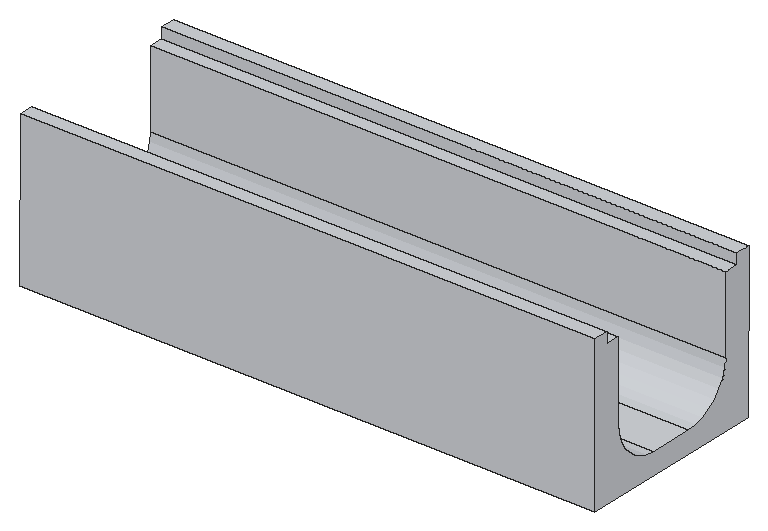
Revit family "Лоток водоотводный_1", category Обобщенные модели, Revit 2019
Family settings
  Может служить основой для арматурных стержней = Нет
  Размер круглого соединителя = Использовать диаметр
  Тип детали = Нормальный
  При загрузке вырезать с полостями = Да
  Общий = Нет
  Точка расчета площади = Нет
Parameters
  Ширина = 400 mm
  built-in parameter 1001306 [instance] = 1200 mm
  Высота = 320 mm
Reference planes
  plane 1 "По центру (Вперед/Назад)": y = 0
  plane 2: z = 0
  plane 3 "Слева": x = 0
  plane 4 "Справа": x = 1200
  plane 5: y = 200
  plane 6: y = -200
  plane 7: z = -320
  plane 8: z = 2.405
Forms (mm)
  Extrusion 1, solid
    sketch origin (0, 0, 0) x (0, 1, 0) y (0, 0, 1)
      loop
        line (-170, 2.405) -> (-200, 2.405) -> (-200, -320) -> (200, -320) -> (200, 2.405) -> (170, 2.405) -> (170, -20) -> (140, -20) -> (140, -180.754)
        arc (140, -180.754) -> (112.396, -247.396) -> (45.754, -275) r 94.246
        line (45.754, -275) -> (-45.754, -275)
        arc (-45.754, -275) -> (-112.396, -247.396) -> (-140, -180.754) r 94.246
        line (-140, -180.754) -> (-140, -20) -> (-170, -20) -> (-170, 2.405)
    from 0 to 1200
  Extrusion 2, void
    sketch origin (0, 0, 0) x (0, 1, 0) y (0, 0, 1)
      loop
        line (200, 2.405) -> (-200, 2.405) -> (-200, -320) -> (200, -320) -> (200, 2.405)
    from 0 to 1200
Lines and regions (mm)
  reference lines
    curve 1: line (0, 0, 0) -> (1200, 0, 0)
Dimensions and locks
  "built-in parameter 1001306": plane 3 "Слева" to plane 4 "Справа"
  equal spacing: plane 5, plane 1 "По центру (Вперед/Назад)", plane 6
  "Ширина": plane 5 to plane 6
  "Высота": plane 2 to plane 7
  locked: Extrusion 1 to Extrusion 1 at 45
  plane 8 to plane 2 = 2.405 mm
  aligned and locked: plane 4 "Справа" to curve 1
  aligned and locked: plane 1 "По центру (Вперед/Назад)" to curve 1
  aligned and locked: plane 3 "Слева" to curve 1
  aligned and locked: level to plane 2
  aligned and locked: plane 6 to Extrusion 1 sketch curve
  aligned and locked: plane 7 to Extrusion 1 sketch curve
  aligned and locked: Extrusion 2 sketch curve to Extrusion 1  (x2)
  aligned and locked: Extrusion 1 to Extrusion 2 sketch curve
  aligned and locked: Extrusion 1 sketch curve to plane 8  (x2)
  aligned and locked: plane 4 "Справа" to Extrusion 2
  aligned and locked: plane 4 "Справа" to Extrusion 1
Automatic sketch dimensions
  Extrusion 1 sketch curve to plane 5 = 0 mm
  plane 6 to Extrusion 1 sketch curve = 30 mm
  Extrusion 1 sketch curve to Extrusion 1 sketch curve = 30 mm
  plane 1 "По центру (Вперед/Назад)" to Extrusion 1 sketch curve = 45.754 mm
  Extrusion 1 sketch curve to plane 1 "По центру (Вперед/Назад)" = 45.754 mm
  Extrusion 1 sketch curve to level = 20 mm  (x2)
  Extrusion 1 sketch curve to plane 5 = 60 mm
  Extrusion 1 sketch curve to plane 5 = 30 mm
  plane 7 to Extrusion 1 sketch curve = 45 mm
  level to Extrusion 2 sketch curve = 2.405 mm
